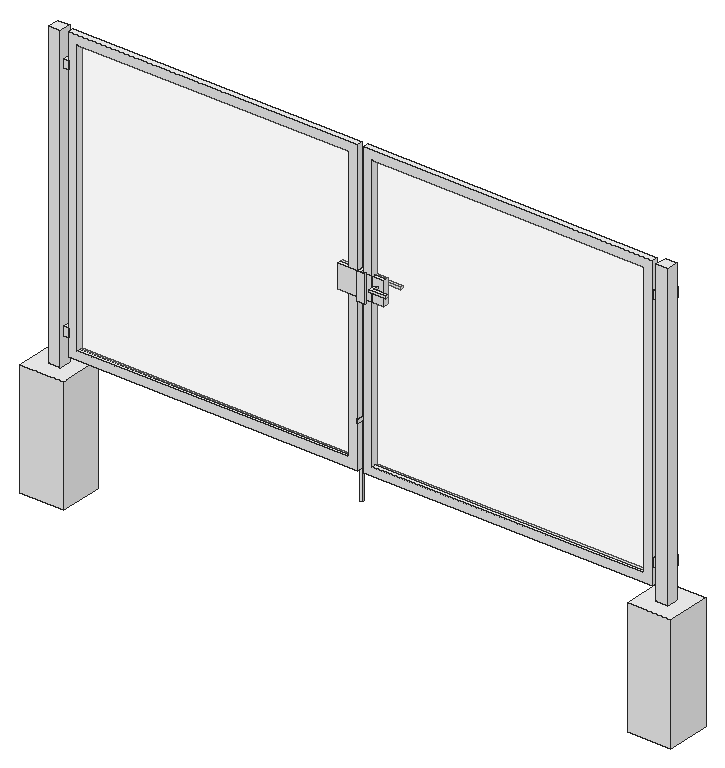
Revit family "NBS_BetafenceLimited_SStlGts_Robusta_Double", category Doors, host Face, Revit 2016
Family settings
  Host = Face
  OmniClass Number = 23.11.25.15.17
  OmniClass Title = Swinging Gates
  Cut with Voids When Loaded = No
  Shared = No
  Room Calculation Point = No
Parameters
  WidthOptions = "2000 mm, 3000 mm, 4000 mm, 5000 mm, 6000 mm, 7000 mm, 8000 mm"
  Width = 4290 mm
  WarrantyStartDate [instance] = "1900-12-31T23:59:59"
  WarrantyGuarantorParts = "n/a"
  WarrantyGuarantorLabor = "n/a"
  WarrantyDurationUnit = "year"
  WarrantyDurationParts = "n/a"
  WarrantyDurationLabor = "n/a"
  WarrantyDescription = "10 years"
  Version = "1"  # constant formula
  UpperHingeOffset = 180 mm
  Uniclass2015Version = "Products v1.6"
  Uniclass2015Title = "Stainless steel gates"
  Uniclass2015Code = "Pr_30_59_34_80"
  ThermalTransmittance = 0
  TagNumber [instance] = "n/a"
  SustainabilityPerformance = "n/a"
  SmokeStop = no
  Size = "To be taken from CAD"
  Shape = "n/a"
  SerialNumber [instance] = "n/a"
  SelfClosing = no
  SecurityRating = "n/a"
  SecurityLevel = "Maximum Security"
  Revision = "n/a"
  ReplacementCost = "n/a"
  Reference = "n/a"
  ProductInformation = "//www.betafence.com/en/robusta-medium"
  Posts = "steel: Type S235 JRH class 1, in accordance with EN 10219-1"
  NominalWidth = Width - PostWidth * 2  # 4130 mm
  NominalLength = 0 mm
  NominalHeight = Height  # 2072 mm
  Name = "MetalMeshPanelFencingSystem_RobustaDoubleLeaf_BetafenceLimited"
  NBSTypeID = "n/a"
  NBSReference = "45-25-35/313"
  NBSOfficeMasterTag = "n/a"
  NBSNote = "n/a"
  NBSDescription = "Stainless steel gates"
  NBSCertification = "www.nationalbimlibrary.com/cert/54r3bgvo"
  ModelReference = "Robusta Double Leaf"
  ModelNumber = "n/a"
  Material = "n/a"
  ManufacturerURL = "www.betafence.co.uk"
  ManufacturerName = "Betafence Limited"  # constant formula
  Manufacturer = "sales.sheffield@betafence.com"  # constant formula
  LowerHingeOffset = 170 mm
  LeafFrameThickness = 60 mm  # constant formula
  IsExternal = yes
  InstallationDate [instance] = "1900-12-31T23:59:59"
  Infiltration = 0
  IfcExportType = "GATE"  # constant formula
  IfcExportAs = "IfcDoorType"  # constant formula
  HeightOptions = "1000 mm, 1200 mm, 1500 mm, 1800 mm, 2000 mm, 2400 mm"
  HasFoundation [instance] = yes
  HardwareSecuring = "n/a"
  HardwareOperating = "n/a"
  HardwareHinges = "n/a"
  HandicapAccessible = no
  Grade = "n/a"
  GlazingAreaFraction = 0
  GateLeaves = "n/a"
  FireRating = "n/a"
  FireExit = no
  FinishLayerThickness [instance] = 20 mm
  PostMountDepth = 750 mm
  PostLeafGap = 40 mm  # constant formula
  Operation = "SINGLE_SWING_LEFT"
  LeafWidth [instance] = (Width - PostWidth * 2 - (3 * PostLeafGap)) * 0.5  # 2005 mm
  LeafThickness = 40 mm  # constant formula
  LeafMaterial = NBS_BetafenceLimited_MtlMeshPnlFncngSym_Nylofor2D_Panel
  PostWidth = 80 mm  # constant formula
  PostThickness = 80 mm  # constant formula
  Height = 2072 mm
  Function = 1
  Frame/MullionMaterial = NBS_Concept
  FoundationWidth [instance] = 300 mm
  FoundationMaterial = NBS_Concept
  FoundationDepth [instance] = 800 mm
  Finish = "Polyester coating"
  Features = "n/a"
  ExpectedLife = "n/a"
  DurationUnit = "year"
  Diameter = 0 mm
  Description = "Gate for perimeter security"
  Default Elevation = 0 mm
  Construction Type = "HIGH_GRADE_STEEL"
  Constituents = "n/a"
  Color = "Green (RAL 6005), black (RAL 9005)"
  CodePerformance = "CE Marking"
  Category = "Pr_30_59_34_80: Stainless steel gates"
  BarCode [instance] = "n/a"
  BIMObjectName = "NBS_BetafenceLimited_StainlessSteelGates_Robusta_Double"
  Author = "NBS"  # constant formula
  AssetType = "Fixed"
  AssetIdentifier [instance] = "n/a"
  Applications = "Industry, situations where access control is recommended"
  AcousticRating = "n/a"
  AccessibilityPerformance = "n/a"
  AccessControl = "Motorisation Bekamatic, manual unlocking system, controller"
Reference planes
  plane 1 "Center (Front/Back)": y = 0
  plane 2: z = 0
  plane 3 "Center (Left/Right)": x = 0
  plane 4: x = -2145
  plane 5: x = 2145
  plane 6: x = -2065
  plane 7: x = 2065
  plane 8: y = 40
  plane 9: y = -40
  plane 10: z = -750
  plane 11: z = 2072
  plane 12: x = 20
  plane 13: z = 50
  plane 14: x = 2025
  plane 15: y = 20
  plane 16: y = -20
  plane 17: y = 2.5
  plane 18: y = -2.5
  plane 19: z = -20
  plane 20: z = -820
  plane 21 "LatchPostCL": x = -2105
  plane 22 "HingePostCL": x = 2105
  plane 23: x = -2255
  plane 24: x = -1955
  plane 25: y = 150
  plane 26: y = -150
  plane 27: x = 2255
  plane 28: x = 1955
  plane 29: y = 10
  plane 30: y = -10
  plane 31: z = 1290
  plane 32: z = 1130
  plane 33: x = 160
  plane 34: y = 2153
  plane 35: z = 2012
  plane 36: x = 1965
  plane 37: x = 80
  plane 38: z = 110
  plane 39: y = -29
  plane 40: z = 1104
  plane 41: z = 1294
  plane 42: x = 2058
  plane 43: x = 2085
  plane 44: x = 2125
  plane 45: y = 68
  plane 46: y = 88
  plane 47: z = 170
  plane 48: z = 230
  plane 49: z = 1892
  plane 50: z = 1832
  plane 51: x = 2052
  plane 52: z = 200
  plane 53: z = 1862
  plane 54: x = 2057
  plane 55: x = 2017
  plane 56: y = 148
  plane 57: y = -75
  plane 58: y = 75
  plane 59: y = -54
  plane 60: y = 54
  plane 61: x = 110
  plane 62: z = 1232
  plane 63: z = 1239
  plane 64: z = 1225
  plane 65: x = 121
  plane 66: x = 99
  plane 67: x = 218
  plane 68: x = -2025
  plane 69: x = -1965
  plane 70: x = -20
  plane 71: x = -80
  plane 72: x = -154
  plane 73: x = 5
  plane 74: x = 34
  plane 75: x = -2058
  plane 76: x = -2052
  plane 77: x = -2085
  plane 78: x = -2125
  plane 79: x = -38
  plane 80: y = 38
  plane 81: z = -167
  plane 82: z = 373
  plane 83: z = 348
  plane 84: x = -11
  plane 85: y = -27
  plane 86: x = -51
  plane 87: y = 51
  plane 88: x = -25
  plane 89: x = -2057
  plane 90: x = -2017
Forms (mm)
  Extrusion 1, solid, material "NBS_Concept" <- "Frame/MullionMaterial"
    sketch origin (0, 0, 0) x (1, 0, 0) y (0, 1, 0)
      loop
        line (-2145, 40) -> (-2145, -40) -> (-2065, -40) -> (-2065, 40) -> (-2145, 40)
      loop
        line (2065, 40) -> (2065, -40) -> (2145, -40) -> (2145, 40) -> (2065, 40)
    from -750 to 2072
  Extrusion 2, solid, material "NBS_Concept" <- "Frame/MullionMaterial", detail levels medium+fine
    sketch origin (0, 0, 0) x (1, 0, 0) y (0, 0, 1)
      loop
        line (20, 2072) -> (20, 50) -> (2025, 50) -> (2025, 2072) -> (20, 2072)
      loop
        line (80, 110) -> (1965, 110) -> (1965, 2012) -> (80, 2012) -> (80, 110)
      loop
        line (-20, 2072) -> (-2025, 2072) -> (-2025, 50) -> (-20, 50) -> (-20, 2072)
      loop
        line (-80, 2012) -> (-1965, 2012) -> (-1965, 110) -> (-80, 110) -> (-80, 2012)
    from -20 to 20
  Extrusion 3, solid, material "NBS_BetafenceLimited_MtlMeshPnlFncngSym_Nylofor2D_Panel" <- "LeafMaterial", detail levels medium+fine
    sketch origin (0, 0, 0) x (1, 0, 0) y (0, 0, 1)
      loop
        line (80, 2012) -> (80, 1290) -> (160, 1290) -> (160, 1130) -> (80, 1130) -> (80, 110) -> (1965, 110) -> (1965, 2012) -> (80, 2012)
      loop
        line (-80, 2012) -> (-1965, 2012) -> (-1965, 110) -> (-80, 110) -> (-80, 1130) -> (-154, 1130) -> (-154, 1290) -> (-80, 1290) -> (-80, 2012)
    from -2.5 to 2.5
  Extrusion 4, void
    sketch origin (0, 0, 0) x (1, 0, 0) y (0, 1, 0)
      loop
        line (-2145, 40) -> (-2145, -40) -> (-2065, -40) -> (-2065, 40) -> (-2145, 40)
      loop
        line (2065, 40) -> (2065, -40) -> (2145, -40) -> (2145, 40) -> (2065, 40)
    from -750 to 0
  Extrusion 5, void
    sketch origin (0, 0, 0) x (1, 0, 0) y (0, 1, 0)
      loop
        line (-2255, 150) -> (-2255, -150) -> (-1955, -150) -> (-1955, 150) -> (-2255, 150)
      loop
        line (1955, 150) -> (1955, -150) -> (2255, -150) -> (2255, 150) -> (1955, 150)
    from -820 to -20
  Extrusion 6, solid, material "NBS_Concept" <- "FoundationMaterial", visible <- "HasFoundation"
    sketch origin (0, 0, 0) x (1, 0, 0) y (0, 1, 0)
      loop
        line (-2255, 150) -> (-2255, -150) -> (-1955, -150) -> (-1955, 150) -> (-2255, 150)
      loop
        line (1955, 150) -> (1955, -150) -> (2255, -150) -> (2255, 150) -> (1955, 150)
    from -820 to -20
  Extrusion 7, solid, material "NBS_BetafenceLimited_MtlMeshPnlFncngSym_Nylofor2D_Panel" <- "LeafMaterial", detail levels coarse
    sketch origin (0, 0, 0) x (1, 0, 0) y (0, 0, 1)
      loop
        line (20, 2072) -> (20, 1290) -> (160, 1290) -> (160, 1130) -> (20, 1130) -> (20, 50) -> (2025, 50) -> (2025, 2072) -> (20, 2072)
      loop
        line (-20, 2072) -> (-2025, 2072) -> (-2025, 50) -> (-20, 50) -> (-20, 1130) -> (-154, 1130) -> (-154, 1290) -> (-20, 1290) -> (-20, 2072)
    from -20 to 20
  Extrusion 8, solid, material "NBS_Concept" <- "Frame/MullionMaterial"
    sketch origin (0, 0, 0) x (1, 0, 0) y (0, 0, 1)
      loop
        line (20, 1290) -> (20, 1130) -> (160, 1130) -> (160, 1290) -> (20, 1290)
      loop
        line (-20, 1290) -> (-154, 1290) -> (-154, 1130) -> (-20, 1130) -> (-20, 1290)
    from -20 to 20
  Extrusion 9, solid, material "NBS_Concept" <- "Frame/MullionMaterial", detail levels medium+fine
    sketch origin (0, 0, 0) x (1, 0, 0) y (0, 1, 0)
      loop
        line (2025, 20) -> (2025, -20) -> (2058, -20) -> (2058, 88) -> (2052, 88) -> (2025, 20)
    from 170 to 230
  Extrusion 10, solid, material "NBS_Concept" <- "Frame/MullionMaterial", detail levels medium+fine
    sketch origin (0, 0, 0) x (1, 0, 0) y (0, 1, 0)
      loop
        line (2052, 88) -> (2025, 20) -> (2025, -20) -> (2058, -20) -> (2058, 88) -> (2052, 88)
    from 1832 to 1892
  Extrusion 11, solid, material "NBS_Concept" <- "Frame/MullionMaterial", detail levels fine
    sketch origin (0, 0, 0) x (1, 0, 0) y (0, 1, 0)
      loop
        line (2085, 68) -> (2085, 40) -> (2125, 40) -> (2125, 68)
        arc (2125, 68) -> (2105, 88) -> (2085, 68) r 20
    from 170 to 230
  Extrusion 12, solid, material "NBS_Concept" <- "Frame/MullionMaterial", detail levels medium
    sketch origin (0, 0, 0) x (1, 0, 0) y (0, 1, 0)
      loop
        line (2085, 88) -> (2085, 40) -> (2125, 40) -> (2125, 88) -> (2085, 88)
    from 170 to 230
  Extrusion 13, solid, material "NBS_Concept" <- "Frame/MullionMaterial", detail levels coarse
    sketch origin (0, 0, 0) x (1, 0, 0) y (0, 1, 0)
      loop
        line (2085, 88) -> (2085, 40) -> (2125, 40) -> (2125, 88) -> (2085, 88)
    from 1832 to 1892
  Extrusion 14, solid, material "NBS_Concept" <- "Frame/MullionMaterial", detail levels medium+fine
    sketch origin (0, 0, 0) x (1, 0, 0) y (0, 1, 0)
      loop
        line (2085, 68) -> (2085, 40) -> (2125, 40) -> (2125, 68)
        arc (2125, 68) -> (2105, 88) -> (2085, 68) r 20
    from 1832 to 1892
  Extrusion 15, solid, material "NBS_Concept" <- "Frame/MullionMaterial", detail levels medium+fine
    sketch origin (0, 0, 0) x (0, 1, 0) y (0, 0, 1)
      loop
        circle (68, 200) r 8
    from 2025 to 2105
  Extrusion 16, solid, material "NBS_Concept" <- "Frame/MullionMaterial", detail levels medium+fine
    sketch origin (0, 0, 0) x (0, 1, 0) y (0, 0, 1)
      loop
        circle (68, 1862) r 8
    from 2025 to 2105
  Extrusion 17, solid, material "NBS_Concept" <- "Frame/MullionMaterial", detail levels medium+fine
    sketch origin (0, 0, 0) x (1, 0, 0) y (0, 1, 0)
      loop
        line (121, -54) -> (121, 54) -> (218, 54) -> (218, 75) -> (99, 75) -> (99, -75) -> (218, -75) -> (218, -54) -> (121, -54)
    from 1225 to 1239
  Extrusion 18, solid, material "NBS_Concept" <- "Frame/MullionMaterial", detail levels medium+fine
    sketch origin (0, 0, 0) x (1, 0, 0) y (0, 1, 0)
      loop
        line (5, 20) -> (-20, 20) -> (-20, -29) -> (34, -29) -> (34, -20) -> (5, -20) -> (5, 20)
    from 1104 to 1294
  Extrusion 19, solid, material "NBS_Concept" <- "Frame/MullionMaterial", detail levels medium
    sketch origin (0, 0, 0) x (1, 0, 0) y (0, 1, 0)
      loop
        line (-2125, 40) -> (-2085, 40) -> (-2085, 88) -> (-2125, 88) -> (-2125, 40)
    from 170 to 230
  Extrusion 20, solid, material "NBS_Concept" <- "Frame/MullionMaterial", detail levels fine
    sketch origin (0, 0, 0) x (1, 0, 0) y (0, 1, 0)
      loop
        line (-2125, 40) -> (-2085, 40) -> (-2085, 68)
        arc (-2085, 68) -> (-2105, 88) -> (-2125, 68) r 20
        line (-2125, 68) -> (-2125, 40)
    from 170 to 230
  Extrusion 21, solid, material "NBS_Concept" <- "Frame/MullionMaterial", detail levels medium
    sketch origin (0, 0, 0) x (1, 0, 0) y (0, 1, 0)
      loop
        line (-2125, 88) -> (-2125, 40) -> (-2085, 40) -> (-2085, 88) -> (-2125, 88)
    from 1832 to 1892
  Extrusion 22, solid, material "NBS_Concept" <- "Frame/MullionMaterial", detail levels fine
    sketch origin (0, 0, 0) x (1, 0, 0) y (0, 1, 0)
      loop
        line (-2125, 68) -> (-2125, 40) -> (-2085, 40) -> (-2085, 68)
        arc (-2085, 68) -> (-2105, 88) -> (-2125, 68) r 20
    from 1832 to 1892
  Extrusion 23, solid, material "NBS_Concept" <- "Frame/MullionMaterial", detail levels medium+fine
    sketch origin (0, 0, 0) x (1, 0, 0) y (0, 1, 0)
      loop
        line (-2025, -20) -> (-2025, 20) -> (-2052, 88) -> (-2058, 88) -> (-2058, -20) -> (-2025, -20)
    from 170 to 230
  Extrusion 24, solid, material "NBS_Concept" <- "Frame/MullionMaterial", detail levels medium+fine
    sketch origin (0, 0, 0) x (1, 0, 0) y (0, 1, 0)
      loop
        line (-2058, 88) -> (-2058, -20) -> (-2025, -20) -> (-2025, 20) -> (-2052, 88) -> (-2058, 88)
    from 1832 to 1892
  Extrusion 25, solid, material "NBS_Concept" <- "Frame/MullionMaterial", detail levels medium+fine
    sketch origin (0, 0, 0) x (0, 1, 0) y (0, 0, 1)
      loop
        circle (68, 1862) r 8
    from -2105 to -2025
  Extrusion 26, solid, material "NBS_Concept" <- "Frame/MullionMaterial", detail levels medium+fine
    sketch origin (0, 0, 0) x (0, 1, 0) y (0, 0, 1)
      loop
        circle (68, 200) r 8
    from -2105 to -2025
  Extrusion 27, solid, material "NBS_Concept" <- "Frame/MullionMaterial", detail levels medium+fine
    sketch origin (0, 0, 0) x (1, 0, 0) y (0, 1, 0)
      loop
        circle (-38, 38) r 9.5
    from -167 to 373
  Extrusion 28, void
    sketch origin (0, 0, 0) x (1, 0, 0) y (0, 1, 0)
      loop
        circle (-38, 38) r 10
    from -167 to 0
  Extrusion 29, solid, material "NBS_Concept" <- "Frame/MullionMaterial", detail levels medium+fine
    sketch origin (0, 0, 0) x (1, 0, 0) y (0, 1, 0)
      loop
        arc (-38, 51) -> (-47.192, 47.192) -> (-51, 38) r 13
        line (-51, 38) -> (-51, 20) -> (-20, 20) -> (-20, -27) -> (-11, -27) -> (-11, 51) -> (-38, 51)
    from 348 to 373
  Extrusion 30, solid, material "NBS_Concept" <- "Frame/MullionMaterial", detail levels medium+fine
    sketch origin (0, 0, 0) x (1, 0, 0) y (0, 1, 0)
      loop
        line (-25, 20) -> (-25, 38)
        arc (-25, 38) -> (-38, 51) -> (-51, 38) r 13
        line (-51, 38) -> (-51, 20) -> (-25, 20)
    from 50 to 110
Cuts and joins
  Extrusion 4 cuts Extrusion 6
Lines and regions (mm)
  symbolic lines, style "DoorsPanelProjection", detail levels medium+fine
    curve 1: line (2057, 2153, 0) -> (2057, 148, 0)
    curve 2: line (2057, 2153, 0) -> (2017, 2153, 0)
    curve 3: line (2017, 2153, 0) -> (2017, 148, 0)
    curve 4: line (2017, 148, 0) -> (2057, 148, 0)
    curve 5: line (-2057, 2153, 0) -> (-2057, 148, 0)
    curve 6: line (-2057, 148, 0) -> (-2017, 148, 0)
    curve 7: line (-2017, 148, 0) -> (-2017, 2153, 0)
    curve 8: line (-2017, 2153, 0) -> (-2057, 2153, 0)
  symbolic lines, style "Plan Swing", detail levels medium+fine
    curve 9: arc (-25, 20, 0) -> (-560.554, 1516.508, 0) -> (-2017, 2153, 0) r 2005
    curve 10: arc (20, 20, 0) -> (557.268, 1518.324, 0) -> (2017, 2153, 0) r 2005
  symbolic lines, style "Plan Swing", detail levels coarse
    curve 11: arc (-2105, 2153, 0) -> (-677.306, 1597.709, 0) -> (0, 223.695, 0) r 2113
    curve 12: arc (2105, 2153, 0) -> (677.306, 1597.709, 0) -> (0, 223.695, 0) r 2113
  symbolic lines, style "DoorsPanelProjection", detail levels coarse
    curve 13: line (-2105, 40, 0) -> (-2105, 2153, 0)
    curve 14: line (2105, 40, 0) -> (2105, 2153, 0)
Dimensions and locks
  equal spacing: plane 8, plane 1 "Center (Front/Back)", plane 9
  "PostThickness": plane 8 to plane 9
  "PostMountDepth": plane 2 to plane 10
  "Height": plane 11 to plane 2
  "PostLeafGap": plane 7 to plane 14
  "PostWidth": plane 6 to plane 4
  "PostWidth": plane 7 to plane 5
  "Width": plane 5 to plane 4
  equal spacing: plane 5, plane 3 "Center (Left/Right)", plane 4
  equal spacing: plane 15, plane 1 "Center (Front/Back)", plane 16
  "LeafThickness": plane 15 to plane 16
  equal spacing: plane 17, plane 1 "Center (Front/Back)", plane 18
  locked: plane 17 to plane 18 at 5
  equal spacing: plane 6, plane 21 "LatchPostCL", plane 4
  equal spacing: plane 7, plane 22 "HingePostCL", plane 5
  locked: plane 13 to plane 2 at 50
  "FinishLayerThickness": plane 2 to plane 19
  equal spacing: plane 23, plane 21 "LatchPostCL", plane 24
  "FoundationWidth": plane 23 to plane 24
  equal spacing: plane 25, plane 1 "Center (Front/Back)", plane 26
  "FoundationWidth": plane 25 to plane 26
  equal spacing: plane 28, plane 22 "HingePostCL", plane 27
  "FoundationWidth": plane 28 to plane 27
  "FoundationDepth": plane 19 to plane 20
  equal spacing: plane 30, plane 1 "Center (Front/Back)", plane 29
  locked: plane 30 to plane 29 at 20
  locked: plane 31 to plane 32 at 160
  locked: plane 31 to plane 13 at 1240
  "LeafWidth": plane 56 to plane 34
  "LeafFrameThickness": plane 37 to plane 12
  "LeafFrameThickness": plane 14 to plane 36
  "LeafFrameThickness": plane 11 to plane 35
  "LeafFrameThickness": plane 38 to plane 13
  locked: plane 33 to plane 12 at 140
  locked: plane 16 to plane 39 at 9
  locked: plane 41 to plane 31 at 4
  locked: plane 32 to plane 40 at 26
  locked: plane 14 to plane 42 at 33
  equal spacing: plane 43, plane 22 "HingePostCL", plane 44
  locked: plane 43 to plane 44 at 40
  locked: plane 45 to plane 8 at 28
  locked: plane 46 to plane 8 at 48
  "LowerHingeOffset": plane 47 to plane 2
  plane 48 to plane 47 = 60 mm
  "UpperHingeOffset": plane 11 to plane 49
  locked: plane 49 to plane 50 at 60
  locked: plane 51 to plane 42 at 6
  equal spacing: plane 49, plane 53, plane 50
  equal spacing: plane 48, plane 52, plane 47
  locked: plane 54 to plane 22 "HingePostCL" at 48
  "LeafThickness": plane 55 to plane 54
  locked: plane 56 to plane 45 at 80
  locked: plane 16 to plane 57 at 55
  locked: plane 15 to plane 58 at 55
  locked: plane 59 to plane 57 at 21
  locked: plane 58 to plane 60 at 21
  locked: plane 12 to plane 61 at 90
  locked: plane 31 to plane 62 at 58
  equal spacing: plane 63, plane 62, plane 64
  locked: plane 63 to plane 64 at 14
  equal spacing: plane 66, plane 61, plane 65
  locked: plane 66 to plane 65 at 22
  locked: plane 61 to plane 67 at 108
  "LeafWidth": plane 12 to plane 14
  "PostLeafGap": plane 68 to plane 6
  "LeafWidth": plane 70 to plane 68
  "LeafFrameThickness": plane 69 to plane 68
  "LeafFrameThickness": plane 70 to plane 71
  locked: plane 70 to plane 72 at 134
  locked: plane 74 to plane 70 at 54
  locked: plane 73 to plane 70 at 25
  locked: plane 75 to plane 68 at 33
  locked: plane 75 to plane 76 at 6
  locked: plane 79 to plane 70 at 18
  locked: plane 15 to plane 80 at 18
  locked: plane 2 to plane 81 at 167
  locked: plane 82 to plane 13 at 323
  locked: plane 82 to plane 83 at 25
  locked: plane 70 to plane 84 at 9
  locked: plane 80 to plane 85 at 65
  locked: plane 87 to plane 80 at 13
  locked: plane 86 to plane 79 at 13
  locked: plane 79 to plane 88 at 13
  locked: plane 21 "LatchPostCL" to plane 89 at 48
  "LeafThickness": plane 89 to plane 90
  "LeafWidth": radius of curve 9
  "LeafWidth": radius of curve 10
  aligned and locked: host face to plane 2
  aligned and locked: host face to level
  aligned and locked: Extrusion 1 sketch curve to plane 8  (x2)
  aligned and locked: plane 4 to Extrusion 1 sketch curve
  aligned and locked: plane 9 to Extrusion 1 sketch curve
  aligned and locked: Extrusion 1 sketch curve to plane 6
  aligned and locked: Extrusion 1 sketch curve to plane 7
  aligned and locked: Extrusion 1 sketch curve to plane 9
  aligned and locked: plane 5 to Extrusion 1 sketch curve
  aligned and locked: Extrusion 1 to plane 10
  aligned and locked: Extrusion 1 to plane 11
  aligned and locked: plane 11 to Extrusion 2 sketch curve
  aligned and locked: plane 12 to Extrusion 2 sketch curve
  aligned and locked: Extrusion 2 sketch curve to plane 13  (x2)
  aligned and locked: Extrusion 2 sketch curve to plane 14
  aligned and locked: Extrusion 2 to plane 15
  aligned and locked: Extrusion 2 to plane 16
  aligned and locked: Extrusion 3 to plane 17
  aligned and locked: Extrusion 3 to plane 18
  aligned and locked: Extrusion 4 sketch curve to Extrusion 1  (x8)
  aligned and locked: Extrusion 4 to plane 10
  aligned and locked: Extrusion 4 to plane 2
  aligned and locked: Extrusion 5 sketch curve to plane 25  (x2)
  aligned and locked: plane 23 to Extrusion 5 sketch curve
  aligned and locked: plane 26 to Extrusion 5 sketch curve
  aligned and locked: plane 24 to Extrusion 5 sketch curve
  aligned and locked: plane 28 to Extrusion 5 sketch curve
  aligned and locked: Extrusion 5 sketch curve to plane 26
  aligned and locked: plane 27 to Extrusion 5 sketch curve
  aligned and locked: Extrusion 5 to plane 19
  aligned and locked: Extrusion 5 to plane 20
  aligned and locked: Extrusion 6 sketch curve to plane 25  (x2)
  aligned and locked: plane 23 to Extrusion 6 sketch curve
  aligned and locked: plane 26 to Extrusion 6 sketch curve
  aligned and locked: plane 24 to Extrusion 6 sketch curve
  aligned and locked: plane 28 to Extrusion 6 sketch curve
  aligned and locked: Extrusion 6 sketch curve to plane 26
  aligned and locked: plane 27 to Extrusion 6 sketch curve
  aligned and locked: Extrusion 6 to plane 20
  aligned and locked: Extrusion 6 to plane 19
  aligned and locked: Extrusion 7 sketch curve to Extrusion 2  (x4)
  aligned and locked: Extrusion 7 to plane 15
  aligned and locked: Extrusion 7 to plane 16
  aligned and locked: Extrusion 2 sketch curve to plane 35  (x2)
  aligned and locked: plane 36 to Extrusion 2 sketch curve
  aligned and locked: Extrusion 2 sketch curve to plane 37
  aligned and locked: Extrusion 2 sketch curve to plane 38  (x2)
  aligned and locked: Extrusion 3 sketch curve to plane 36
  aligned and locked: Extrusion 3 sketch curve to plane 38  (x2)
  aligned and locked: plane 37 to Extrusion 3 sketch curve
  aligned and locked: plane 35 to Extrusion 3 sketch curve
  aligned and locked: Extrusion 7 sketch curve to plane 31  (x2)
  aligned and locked: Extrusion 7 sketch curve to plane 32  (x2)
  aligned and locked: Extrusion 3 sketch curve to plane 31  (x2)
  aligned and locked: Extrusion 3 sketch curve to plane 32  (x2)
  aligned and locked: Extrusion 3 sketch curve to plane 33
  aligned and locked: Extrusion 8 sketch curve to plane 12
  aligned and locked: Extrusion 8 sketch curve to plane 31  (x2)
  aligned and locked: Extrusion 8 sketch curve to plane 32  (x2)
  aligned and locked: Extrusion 8 sketch curve to plane 33
  aligned and locked: Extrusion 8 to plane 15
  aligned and locked: Extrusion 8 to plane 16
  aligned and locked: Extrusion 9 sketch curve to plane 14
  aligned and locked: Extrusion 9 sketch curve to plane 16
  aligned and locked: Extrusion 9 sketch curve to plane 42
  aligned and locked: Extrusion 9 sketch curve to plane 46
  aligned and locked: Extrusion 9 to plane 47
  aligned and locked: plane 48 to Extrusion 9
  aligned and locked: Extrusion 10 sketch curve to plane 46
  aligned and locked: Extrusion 10 sketch curve to plane 42
  aligned and locked: Extrusion 10 sketch curve to plane 16
  aligned and locked: Extrusion 10 sketch curve to plane 14
  aligned and locked: Extrusion 10 to plane 50
  aligned and locked: plane 49 to Extrusion 10
  aligned and locked: Extrusion 11 sketch curve to plane 43
  aligned and locked: Extrusion 11 sketch curve to plane 44
  aligned and locked: Extrusion 11 sketch curve to plane 8
  aligned and locked: Extrusion 11 to plane 47
  aligned and locked: plane 48 to Extrusion 11
  aligned and locked: Extrusion 12 sketch curve to plane 46
  aligned and locked: Extrusion 12 sketch curve to plane 44
  aligned and locked: Extrusion 12 sketch curve to plane 43
  aligned and locked: Extrusion 12 sketch curve to plane 8
  aligned and locked: Extrusion 12 to plane 47
  aligned and locked: plane 48 to Extrusion 12
  aligned and locked: Extrusion 13 sketch curve to plane 43
  aligned and locked: Extrusion 13 sketch curve to plane 44
  aligned and locked: Extrusion 13 sketch curve to plane 46
  aligned and locked: Extrusion 13 sketch curve to plane 8
  aligned and locked: Extrusion 13 to plane 50
  aligned and locked: plane 49 to Extrusion 13
  aligned and locked: Extrusion 14 sketch curve to plane 43
  aligned and locked: Extrusion 14 sketch curve to plane 44
  aligned and locked: Extrusion 14 sketch curve to plane 8
  aligned and locked: Extrusion 14 to plane 50
  aligned and locked: plane 49 to Extrusion 14
  aligned and locked: Extrusion 15 to plane 14
  aligned and locked: Extrusion 15 to plane 22 "HingePostCL"
  aligned and locked: Extrusion 16 to plane 14
  aligned and locked: Extrusion 16 to plane 22 "HingePostCL"
  aligned and locked: plane 56 to curve 4
  aligned and locked: plane 59 to Extrusion 17 sketch curve
  aligned and locked: Extrusion 17 sketch curve to plane 67  (x2)
  aligned and locked: plane 57 to Extrusion 17 sketch curve
  aligned and locked: Extrusion 17 sketch curve to plane 66
  aligned and locked: Extrusion 17 sketch curve to plane 65
  aligned and locked: plane 60 to Extrusion 17 sketch curve
  aligned and locked: plane 58 to Extrusion 17 sketch curve
  aligned and locked: plane 64 to Extrusion 17
  aligned and locked: Extrusion 17 to plane 63
  aligned and locked: Extrusion 7 sketch curve to plane 11
  aligned and locked: Extrusion 7 sketch curve to plane 70  (x2)
  aligned and locked: Extrusion 7 sketch curve to plane 72
  aligned and locked: Extrusion 7 sketch curve to plane 13
  aligned and locked: Extrusion 7 sketch curve to plane 68
  aligned and locked: Extrusion 2 sketch curve to plane 11
  aligned and locked: Extrusion 2 sketch curve to plane 68
  aligned and locked: Extrusion 2 sketch curve to plane 70
  aligned and locked: Extrusion 2 sketch curve to plane 71
  aligned and locked: Extrusion 2 sketch curve to plane 69
  aligned and locked: Extrusion 3 sketch curve to plane 35
  aligned and locked: Extrusion 3 sketch curve to plane 69
  aligned and locked: Extrusion 3 sketch curve to plane 71
  aligned and locked: Extrusion 3 sketch curve to plane 72
  aligned and locked: Extrusion 8 sketch curve to plane 70
  aligned and locked: Extrusion 8 sketch curve to plane 72
  aligned and locked: Extrusion 18 sketch curve to plane 15
  aligned and locked: Extrusion 18 sketch curve to plane 70
  aligned and locked: plane 39 to Extrusion 18 sketch curve
  aligned and locked: Extrusion 18 sketch curve to plane 73
  aligned and locked: Extrusion 18 sketch curve to plane 74
  aligned and locked: plane 16 to Extrusion 18 sketch curve
  aligned and locked: plane 40 to Extrusion 18
  aligned and locked: Extrusion 18 to plane 41
  aligned and locked: Extrusion 19 sketch curve to plane 8
  aligned and locked: Extrusion 19 sketch curve to plane 77
  aligned and locked: Extrusion 19 sketch curve to plane 46
  aligned and locked: Extrusion 19 sketch curve to plane 78
  aligned and locked: Extrusion 19 to plane 47
  aligned and locked: plane 48 to Extrusion 19
  aligned and locked: Extrusion 20 sketch curve to plane 8
  aligned and locked: Extrusion 20 sketch curve to plane 78
  aligned and locked: Extrusion 20 sketch curve to plane 77
  aligned and locked: Extrusion 20 to plane 47
  aligned and locked: plane 48 to Extrusion 20
  aligned and locked: Extrusion 21 sketch curve to plane 46
  aligned and locked: Extrusion 21 sketch curve to plane 78
  aligned and locked: Extrusion 21 sketch curve to plane 77
  aligned and locked: Extrusion 21 sketch curve to plane 8
  aligned and locked: Extrusion 21 to plane 50
  aligned and locked: plane 49 to Extrusion 21
  aligned and locked: Extrusion 22 sketch curve to plane 78
  aligned and locked: Extrusion 22 sketch curve to plane 77
  aligned and locked: Extrusion 22 sketch curve to plane 8
  aligned and locked: Extrusion 22 to plane 50
  aligned and locked: plane 49 to Extrusion 22
  aligned and locked: plane 16 to Extrusion 23 sketch curve
  aligned and locked: Extrusion 23 sketch curve to plane 75
  aligned and locked: Extrusion 23 sketch curve to plane 46
  aligned and locked: Extrusion 23 sketch curve to plane 68
  aligned and locked: Extrusion 23 to plane 47
  aligned and locked: plane 48 to Extrusion 23
  aligned and locked: Extrusion 24 sketch curve to plane 46
  aligned and locked: Extrusion 24 sketch curve to plane 75
  aligned and locked: plane 16 to Extrusion 24 sketch curve
  aligned and locked: Extrusion 24 sketch curve to plane 68
  aligned and locked: Extrusion 24 to plane 50
  aligned and locked: plane 49 to Extrusion 24
  aligned and locked: Extrusion 25 to plane 21 "LatchPostCL"
  aligned and locked: plane 68 to Extrusion 25
  aligned and locked: Extrusion 26 to plane 21 "LatchPostCL"
  aligned and locked: plane 68 to Extrusion 26
  aligned and locked: Extrusion 27 to plane 81
  aligned and locked: Extrusion 28 to plane 81
  aligned and locked: plane 2 to Extrusion 28
  aligned and locked: Extrusion 29 sketch curve to plane 87
  aligned and locked: Extrusion 29 sketch curve to plane 86
  aligned and locked: Extrusion 29 sketch curve to plane 84
  aligned and locked: Extrusion 29 sketch curve to plane 15
  aligned and locked: Extrusion 29 sketch curve to plane 70
  aligned and locked: Extrusion 29 sketch curve to plane 85
  aligned and locked: Extrusion 29 to plane 83
  aligned and locked: plane 82 to Extrusion 29
  aligned and locked: Extrusion 30 sketch curve to plane 88
  aligned and locked: Extrusion 30 sketch curve to plane 86
  aligned and locked: Extrusion 30 sketch curve to plane 15
  aligned and locked: plane 38 to Extrusion 30
  aligned and locked: Extrusion 30 to plane 13
  aligned and locked: curve 2 to plane 34
  aligned and locked: plane 34 to curve 10
  aligned and locked: curve 3 to plane 55
  aligned and locked: curve 1 to plane 54
  aligned and locked: plane 90 to curve 7
  aligned and locked: plane 56 to curve 6
  aligned and locked: curve 8 to plane 34
  aligned and locked: curve 5 to plane 89
  aligned and locked: plane 34 to curve 12
  aligned and locked: plane 34 to curve 11
  aligned and locked: plane 21 "LatchPostCL" to curve 11  (x2)
  aligned and locked: plane 8 to curve 11
  aligned and locked: plane 22 "HingePostCL" to curve 12
  aligned and locked: plane 8 to curve 12
  aligned and locked: plane 8 to curve 13
  aligned and locked: curve 14 to plane 22 "HingePostCL"
  aligned and locked: plane 8 to curve 14
Automatic sketch dimensions
  host sketch curve to host sketch curve = 5541.821 mm
  host sketch curve to host sketch curve = 2438.4 mm
  Extrusion 6 sketch curve to plane 26 = 0 mm
  Extrusion 7 sketch curve to plane 33 = 0 mm
  Extrusion 7 sketch curve to plane 12 = 0 mm
  Extrusion 3 sketch curve to plane 37 = 0 mm
  Extrusion 9 sketch curve to plane 51 = 0 mm
  plane 15 to Extrusion 9 sketch curve = 0 mm
  Extrusion 10 sketch curve to plane 51 = 0 mm
  plane 15 to Extrusion 10 sketch curve = 0 mm
  Extrusion 11 sketch curve to plane 45 = 0 mm
  Extrusion 14 sketch curve to plane 45 = 0 mm
  Extrusion 15 sketch curve to plane 45 = 0 mm
  plane 52 to Extrusion 15 sketch curve = 0 mm
  Extrusion 16 sketch curve to plane 45 = 0 mm
  plane 53 to Extrusion 16 sketch curve = 0 mm
  Extrusion 3 sketch curve to plane 71 = 0 mm
  Extrusion 20 sketch curve to plane 45 = 0 mm
  Extrusion 22 sketch curve to plane 45 = 0 mm
  Extrusion 23 sketch curve to plane 76 = 0 mm
  plane 15 to Extrusion 23 sketch curve = 0 mm
  Extrusion 24 sketch curve to plane 76 = 0 mm
  plane 15 to Extrusion 24 sketch curve = 0 mm
  Extrusion 25 sketch curve to plane 45 = 0 mm
  plane 53 to Extrusion 25 sketch curve = 0 mm
  Extrusion 26 sketch curve to plane 45 = 0 mm
  plane 52 to Extrusion 26 sketch curve = 0 mm
  Extrusion 27 sketch curve to plane 79 = 0 mm
  Extrusion 27 sketch curve to plane 80 = 0 mm
  Extrusion 28 sketch curve to plane 79 = 0 mm
  Extrusion 28 sketch curve to plane 80 = 0 mm
  Extrusion 29 sketch curve to plane 79 = 0 mm
  Extrusion 30 sketch curve to plane 80 = 0 mm
  plane 15 to curve 9 = 0 mm
  curve 9 to plane 88 = 0 mm
  curve 10 to plane 12 = 0 mm
  plane 15 to curve 10 = 0 mm
  radius of Extrusion 15 sketch curve = 8 mm
  radius of Extrusion 16 sketch curve = 8 mm
  radius of Extrusion 25 sketch curve = 8 mm
  radius of Extrusion 26 sketch curve = 8 mm
  radius of Extrusion 27 sketch curve = 9.5 mm
  radius of Extrusion 28 sketch curve = 10 mm
